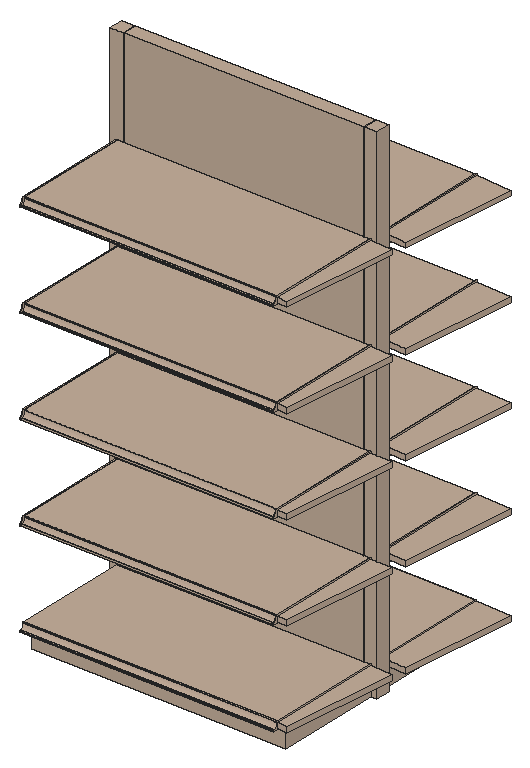
Revit family "ML21 - 6 Degree Angle", category Generic Models, Revit 2012 (continued)
Definition of nested family "ML1"
  Automatic sketch dimensions
    Extrusion 20 sketch curve to Extrusion 20 sketch curve = 0' - 0 5/8"
    Extrusion 20 sketch curve to Extrusion 20 sketch curve = 0' - 0 1/8"  (x2)
    plane 9 "2nd shelf" to Extrusion 20 sketch curve = 0' - 0 1/8"
    Extrusion 20 sketch curve to Extrusion 20 sketch curve = 0' - 0 1/4"
    Extrusion 21 sketch curve to plane 18 = 0' - 0"
    Extrusion 21 sketch curve to plane 9 "2nd shelf" = 0' - 0"
    Extrusion 21 sketch curve to plane 4 = 0' - 0"
    plane 9 "2nd shelf" to Extrusion 21 sketch curve = 0' - 0.22784"
    Extrusion 21 sketch curve to plane 18 = 0' - 1.11011"
    plane 18 to Extrusion 21 sketch curve = 0' - 0 5/8"
    Extrusion 21 sketch curve to Extrusion 21 sketch curve = 0' - 0 1/8"  (x2)
    Extrusion 21 sketch curve to Extrusion 21 sketch curve = 0' - 0 7/8"
    Extrusion 21 sketch curve to Extrusion 21 sketch curve = 0' - 0 3/4"
    Extrusion 21 sketch curve to Extrusion 21 sketch curve = 0' - 0 1/4"  (x2)
    Extrusion 21 sketch curve to plane 9 "2nd shelf" = 0' - 0 1/2"  (x2)
    Extrusion 21 sketch curve to Extrusion 21 sketch curve = 0' - 2"
    plane 4 to Extrusion 21 sketch curve = 0' - 1 1/8"
    Extrusion 21 sketch curve to Extrusion 21 sketch curve = 0' - 0"
    Extrusion 21 sketch curve to Extrusion 21 sketch curve = 0' - 2 1/4"
    Extrusion 21 sketch curve to plane 9 "2nd shelf" = 0' - 0 5/8"
    Extrusion 22 sketch curve to plane 18 = 0' - 0"
    Extrusion 22 sketch curve to plane 10 "3rd shelf" = 0' - 0"
    Extrusion 22 sketch curve to plane 4 = 0' - 0"
    Extrusion 22 sketch curve to plane 10 "3rd shelf" = 0' - 0.22784"
    plane 18 to Extrusion 22 sketch curve = 0' - 1.11011"
    Extrusion 22 sketch curve to plane 18 = 0' - 0 5/8"
    Extrusion 22 sketch curve to Extrusion 22 sketch curve = 0' - 0 1/8"  (x2)
    Extrusion 22 sketch curve to Extrusion 22 sketch curve = 0' - 0 7/8"
    Extrusion 22 sketch curve to Extrusion 22 sketch curve = 0' - 0 3/4"
    Extrusion 22 sketch curve to Extrusion 22 sketch curve = 0' - 0 1/4"  (x2)
    plane 10 "3rd shelf" to Extrusion 22 sketch curve = 0' - 0 1/2"  (x2)
    Extrusion 22 sketch curve to Extrusion 22 sketch curve = 0' - 2"
    Extrusion 22 sketch curve to plane 4 = 0' - 1 1/8"
    Extrusion 22 sketch curve to Extrusion 22 sketch curve = 0' - 0"
    Extrusion 22 sketch curve to Extrusion 22 sketch curve = 0' - 2 1/4"
    plane 10 "3rd shelf" to Extrusion 22 sketch curve = 0' - 0 5/8"
    Extrusion 23 sketch curve to plane 18 = 0' - 0"
    Extrusion 23 sketch curve to plane 10 "3rd shelf" = 0' - 0"
    Extrusion 23 sketch curve to plane 4 = 0' - 0"
    Extrusion 23 sketch curve to plane 10 "3rd shelf" = 0' - 0.10284"
    plane 18 to Extrusion 23 sketch curve = 0' - 0.86011"
    Extrusion 23 sketch curve to plane 18 = 0' - 0 1/4"
    Extrusion 23 sketch curve to plane 18 = 0' - 0 3/4"
    Extrusion 23 sketch curve to Extrusion 23 sketch curve = 0' - 0 5/8"
    Extrusion 23 sketch curve to Extrusion 23 sketch curve = 0' - 0 1/8"  (x2)
    plane 10 "3rd shelf" to Extrusion 23 sketch curve = 0' - 0 1/8"
    Extrusion 23 sketch curve to Extrusion 23 sketch curve = 0' - 0 1/4"
    Extrusion 24 sketch curve to plane 18 = 0' - 0"
    Extrusion 24 sketch curve to plane 10 "3rd shelf" = 0' - 0"
    Extrusion 24 sketch curve to plane 4 = 0' - 0"
    plane 10 "3rd shelf" to Extrusion 24 sketch curve = 0' - 0.22784"
    Extrusion 24 sketch curve to plane 18 = 0' - 1.11011"
    plane 18 to Extrusion 24 sketch curve = 0' - 0 5/8"
    Extrusion 24 sketch curve to Extrusion 24 sketch curve = 0' - 0 1/8"  (x2)
    Extrusion 24 sketch curve to Extrusion 24 sketch curve = 0' - 0 7/8"
    Extrusion 24 sketch curve to Extrusion 24 sketch curve = 0' - 0 3/4"
    Extrusion 24 sketch curve to Extrusion 24 sketch curve = 0' - 0 1/4"  (x2)
    Extrusion 24 sketch curve to plane 10 "3rd shelf" = 0' - 0 1/2"  (x2)
    Extrusion 24 sketch curve to Extrusion 24 sketch curve = 0' - 2"
    plane 4 to Extrusion 24 sketch curve = 0' - 1 1/8"
    Extrusion 24 sketch curve to Extrusion 24 sketch curve = 0' - 0"
    Extrusion 24 sketch curve to Extrusion 24 sketch curve = 0' - 2 1/4"
    Extrusion 24 sketch curve to plane 10 "3rd shelf" = 0' - 0 5/8"
    Extrusion 25 sketch curve to plane 18 = 0' - 0"
    Extrusion 25 sketch curve to plane 11 "4th shelf" = 0' - 0"
    Extrusion 25 sketch curve to plane 4 = 0' - 0"
    Extrusion 25 sketch curve to plane 11 "4th shelf" = 0' - 0.22784"
    plane 18 to Extrusion 25 sketch curve = 0' - 1.11011"
    Extrusion 25 sketch curve to plane 18 = 0' - 0 5/8"
    Extrusion 25 sketch curve to Extrusion 25 sketch curve = 0' - 0 1/8"  (x2)
    Extrusion 25 sketch curve to plane 18 = 0' - 0 7/8"
    Extrusion 25 sketch curve to Extrusion 25 sketch curve = 0' - 0 3/4"
    Extrusion 25 sketch curve to Extrusion 25 sketch curve = 0' - 0 1/4"  (x2)
    plane 11 "4th shelf" to Extrusion 25 sketch curve = 0' - 0 1/2"  (x2)
    Extrusion 25 sketch curve to Extrusion 25 sketch curve = 0' - 2"
    Extrusion 25 sketch curve to plane 4 = 0' - 1 1/8"
    Extrusion 25 sketch curve to Extrusion 25 sketch curve = 0' - 0"
    Extrusion 25 sketch curve to Extrusion 25 sketch curve = 0' - 2 1/4"
    plane 11 "4th shelf" to Extrusion 25 sketch curve = 0' - 0 5/8"
    Extrusion 26 sketch curve to plane 18 = 0' - 0"
    Extrusion 26 sketch curve to plane 11 "4th shelf" = 0' - 0"
    Extrusion 26 sketch curve to plane 4 = 0' - 0"
    Extrusion 26 sketch curve to plane 11 "4th shelf" = 0' - 0.10284"
    plane 18 to Extrusion 26 sketch curve = 0' - 0.86011"
    Extrusion 26 sketch curve to plane 18 = 0' - 0 1/4"
    Extrusion 26 sketch curve to plane 18 = 0' - 0 3/4"
    Extrusion 26 sketch curve to Extrusion 26 sketch curve = 0' - 0 5/8"
    Extrusion 26 sketch curve to Extrusion 26 sketch curve = 0' - 0 1/8"  (x2)
    plane 11 "4th shelf" to Extrusion 26 sketch curve = 0' - 0 1/8"
    Extrusion 26 sketch curve to Extrusion 26 sketch curve = 0' - 0 1/4"
    Extrusion 27 sketch curve to plane 18 = 0' - 0"
    Extrusion 27 sketch curve to plane 11 "4th shelf" = 0' - 0"
    Extrusion 27 sketch curve to plane 4 = 0' - 0"
    plane 11 "4th shelf" to Extrusion 27 sketch curve = 0' - 0.22784"
    Extrusion 27 sketch curve to plane 18 = 0' - 1.11011"
    plane 18 to Extrusion 27 sketch curve = 0' - 0 5/8"
    Extrusion 27 sketch curve to Extrusion 27 sketch curve = 0' - 0 1/8"  (x2)
    plane 18 to Extrusion 27 sketch curve = 0' - 0 7/8"
    Extrusion 27 sketch curve to Extrusion 27 sketch curve = 0' - 0 3/4"
    Extrusion 27 sketch curve to Extrusion 27 sketch curve = 0' - 0 1/4"  (x2)
    Extrusion 27 sketch curve to plane 11 "4th shelf" = 0' - 0 1/2"  (x2)
    Extrusion 27 sketch curve to Extrusion 27 sketch curve = 0' - 2"
    plane 4 to Extrusion 27 sketch curve = 0' - 1 1/8"
    Extrusion 27 sketch curve to Extrusion 27 sketch curve = 0' - 0"
    Extrusion 27 sketch curve to Extrusion 27 sketch curve = 0' - 2 1/4"
    Extrusion 27 sketch curve to plane 11 "4th shelf" = 0' - 0 5/8"
    Extrusion 1 sketch curve to level = 0' - 0"
    Extrusion 1 sketch curve to plane 6 = 0' - 0"  (x2)
    plane 13 to Extrusion 1 sketch curve = 0' - 0"
    plane 6 to Extrusion 1 sketch curve = 0' - 0"
    plane 14 to Extrusion 1 sketch curve = 0' - 0"
    plane 13 to Extrusion 1 sketch curve = 0' - 1 1/4"
    plane 15 to Extrusion 1 sketch curve = 0' - 1 1/8"  (x2)
    Extrusion 1 sketch curve to Extrusion 1 sketch curve = 0' - 0.0315"
    plane 16 to Extrusion 1 sketch curve = 0' - 1.15576"
    level to Extrusion 1 sketch curve = 0' - 0 1/32"  (x2)
    Extrusion 1 sketch curve to Extrusion 1 sketch curve = 0' - 0.03076"
    Extrusion 1 sketch curve to plane 14 = 0' - 1 1/4"
    Extrusion 1 to Split face 1 sketch curve = 0' - 0"
    Split face 1 sketch curve to Extrusion 1 = 0' - 0"  (x4)
    Extrusion 1 to Split face 2 sketch curve = 0' - 0"
    Split face 2 sketch curve to Extrusion 1 = 0' - 0"  (x4)
    radius of Extrusion 3 sketch curve = 0' - 0 1/8"  (x2)
    radius of Extrusion 5 sketch curve = 0' - 0 1/8"  (x2)
    radius of Extrusion 6 sketch curve = 0' - 0 1/8"  (x2)
    radius of Extrusion 8 sketch curve = 0' - 0 1/8"  (x2)
    radius of Extrusion 9 sketch curve = 0' - 0 1/8"  (x2)
    radius of Extrusion 11 sketch curve = 0' - 0 1/8"  (x2)
    radius of Extrusion 12 sketch curve = 0' - 0 1/8"  (x2)
    radius of Extrusion 14 sketch curve = 0' - 0 1/8"  (x2)
    radius of Extrusion 16 sketch curve = 0' - 0 1/8"  (x2)
    radius of Extrusion 18 sketch curve = 0' - 0 1/8"  (x2)
    radius of Extrusion 19 sketch curve = 0' - 0 1/8"  (x2)
    radius of Extrusion 21 sketch curve = 0' - 0 1/8"  (x2)
    radius of Extrusion 22 sketch curve = 0' - 0 1/8"  (x2)
    radius of Extrusion 24 sketch curve = 0' - 0 1/8"  (x2)
    radius of Extrusion 25 sketch curve = 0' - 0 1/8"  (x2)
    radius of Extrusion 27 sketch curve = 0' - 0 1/8"  (x2)
Types (3): name | Width | 4' Front Spacer 6'-6" | 4' Front Spacer 5' | 4' Front Spacer 3'-6" | 4' Front Spacer 2' | 4' Front Base Spacer | 4' Back Spacer 6'-6" | 4' Back Spacer 5' | 4' Back Spacer 3'-6" | 4' Back Spacer 2' | 4' Back Base Spacer | 3' Front Spacer 3'-6" | 3' Front Spacer 6'-6" | 3' Front Spacer 5' | 3' Front Spacer 2' | 3' Front Base Spacer | 3' Back Spacer 6'-6" | 3' Back Spacer 5' | 3' Back Spacer 3'-6" | 3' Back Spacer 2' | 3' Back Base Spacer
  ML21 | 3' - 0" | no | no | no | no | no | no | no | no | no | no | no | no | no | no | no | no | no | no | no | no
  ML21 - 3' | 3' - 0" | no | no | no | no | no | no | no | no | no | no | yes | yes | yes | yes | yes | yes | yes | yes | yes | yes
  ML21 - 4' | 4' - 0" | yes | yes | yes | yes | yes | yes | yes | yes | yes | yes | no | no | no | no | no | no | no | no | no | no
